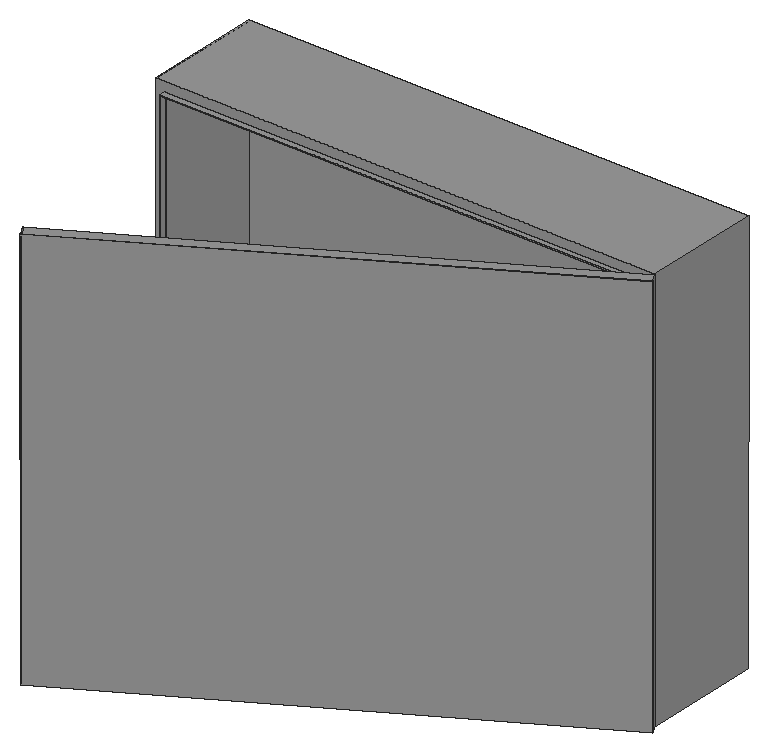
Revit family "Hager-Univers-IP44-D205-H650-Cl.II-Encl-NoHosted-AT-de", category Equipement électrique, Revit 2020
Family settings
  Configuration du panneau = Deux colonnes, circuits au sein
  Cote de connecteur circulaire = Utiliser le diamètre
  Type d'élément = Tableau de raccordement
  Basée sur le plan de construction = Oui
  Toujours verticalement = Oui
  Couper avec des vides une fois chargée = Non
  Partagée = Non
  Point de calcul de pièce = Non
Parameters (values of type "Aufputz IP44 B800 H650 T205  - FP43SN2")
  Width Control [instance] = if([EF000008 - Breite] > Min Width, [EF000008 - Breite], Min Width)  # 800 mm
  Commentaires du type = [HG000003 - Bereich]  # "Univers"
  Thickness Door [instance] = if([EF009171 - Materialstärke Tür/Deckel] > 3 mm, 3 mm, [EF009171 - Materialstärke Tür/Deckel])  # 1 mm
  Seal Frame Offset [instance] = 17 mm  # constant formula
  Plinth Visibility [instance] = [HG000027 - Sockelhöhe] > 0 mm  # no
  Min Width [instance] = 100 mm  # constant formula
  Min Depth [instance] = (2 * [EF009170 - Materialstärke Gehäuse]) + 1 mm  # 3 mm
  Min Height [instance] = 100 mm  # constant formula
  Internal Frame Depth [instance] = (Door System Depth * 0.5)  # 9 mm
  Panel Name [instance] = ""  # (empty or 0)
  Model = ""
  HG000027 - Sockelhöhe = 0 mm
  HG000026 - Stehend auf dem Boden = no
  HG000024 - Höhe des unteren Teils = 600 mm
  HG000023 - Gehäuse mit doppeltem Querschnitt = no
  HG000016 - 3D-Türsichtbarkeit [instance] = yes
  HG000015 - Sichtbarkeit der Türöffnung [instance] = no
  HG000014 - Tür rechts [instance] = yes
  HG000013 - Tür links [instance] = not([HG000014 - Tür rechts])  # no
  HG000012 - Türschwenkwinkel [instance] = 30.00°
  HG000010 - Asymmetrische Türen = no
  HG000009 - Doppelflügeligen Tür = no
  HG000006 - Unterputz = no
  HG000004 - Herstellerreferenz = "FP43SN2"
  HG000003 - Bereich = "Univers"
  HG000002 - Mit tür = yes
  Frame Offset Bottom [instance] = 10 mm  # constant formula
  Frame Offset [instance] = 15 mm  # constant formula
  EF015940 - Deckel mit Überdruckentlastung = no
  EF011959 - Schutzart (NEMA) = ""
  EF009554 - Anzahl der Öffnungen für Flanschplatten = 6
  EF009212 - Ausführung Deckel = "EV000116 - geschlossen"
  EF009171 - Materialstärke Tür/Deckel = 1 mm
  EF009170 - Materialstärke Gehäuse = 1 mm
  EF008873 - Nennstrom (In) = 250 A
  EF007800 - Geeignet für Blitzschutz = no
  EF006306 - Mit Schloss = no
  EF006244 - Transparenter Deckel/Tür = no
  EF005474 - Schutzart (IP) = "EV006418 - IP44"
  EF004464 - Art der Tür = "EV002646 - Einzel"
  EF004427 - Anzahl der Module = 144
  EF004293 - Schlagfestigkeit = "EV006815 - IK09"
  EF003532 - Geeignet für Außengebrauch = no
  EF002950 - Breite in Teilungseinheiten = 36
  EF001613 - Funktionserhalt = "EV000494 - ohne"
  EF001596 - Werkstoff des Gehäuses = "EV000179 - Stahl"
  EF001131 - Innentiefe = 143 mm
  EF001088 - Anbaumöglichkeit = yes
  EF000437 - Anzahl der Leitungseinführungen = 6
  EF000339 - Art der Abdeckung = "EV001012 - Deckel"
  EF000266 - Anzahl der Reihen = 4
  EF000218 - Einbautiefe = 205 mm
  EF000118 - Mit Montageplatte = no
  EF000116 - RAL-Nummer = "9010"
  EF000049 - Tiefe = 205 mm
  EF000040 - Höhe = 650 mm
  EF000008 - Breite = 800 mm
  EF000007 - Farbe = "EV000202 - weiß"
  EF000003 - Montageart = "EV000384 - Aufputz"
  Door System Leaf Tolerance [instance] = 1.5 mm  # constant formula
  Door System Depth [instance] = 18 mm  # constant formula
  Door Height [instance] = Height Control - [HG000027 - Sockelhöhe]  # 650 mm
  Description = ""
  Default Elevation = 1219.2 mm
  Connector Offset [instance] = Height Control / 2  # 325 mm
  Fabricant = "Hager"  # constant formula
  Height Control [instance] = if([EF000040 - Höhe] > Min Height, [EF000040 - Höhe], Min Height)  # 650 mm
  Depth Control [instance] = if([EF000049 - Tiefe] > Min Depth, [EF000049 - Tiefe], Min Depth)  # 205 mm
  Bottom Top Plate Trim [instance] = 1.5 mm  # constant formula
  Plinth height Ctrl [instance] = if([HG000027 - Sockelhöhe] > 0 mm, [HG000027 - Sockelhöhe], 12 mm)  # 12 mm
Types (5, lengths in mm): name | Width Control | HG000010 - Asymmetrische Türen | HG000009 - Doppelflügeligen Tür | HG000004 - Herstellerreferenz | EF009554 - Anzahl der Öffnungen für Flanschplatten | EF004464 - Art der Tür | EF004427 - Anzahl der Module | EF002950 - Breite in Teilungseinheiten | EF000437 - Anzahl der Leitungseinführungen | EF000008 - Breite
  Aufputz IP44 B1050 H650 T205  - FP44SN2 | 1050 | no | yes | "FP44SN2" | 8 | "EV003602 - Doppel" | 192 | 48 | 8 | 1050
  Aufputz IP44 B1300 H650 T205  - FP45SN2 | 1300 | yes | yes | "FP45SN2" | 10 | "EV003602 - Doppel" | 240 | 60 | 10 | 1300
  Aufputz IP44 B300 H650 T205  - FP41SN2 | 300 | no | no | "FP41SN2" | 2 | "EV002646 - Einzel" | 48 | 12 | 2 | 300
  Aufputz IP44 B550 H650 T205  - FP42SN2 | 550 | no | no | "FP42SN2" | 4 | "EV002646 - Einzel" | 96 | 24 | 4 | 550
  Aufputz IP44 B800 H650 T205  - FP43SN2 | 800 | no | no | "FP43SN2" | 6 | "EV002646 - Einzel" | 144 | 36 | 6 | 800
Reference planes
  plane 1 "Center (Front/Back)": y = 0
  plane 2: z = 0
  plane 3 "Center (Left/Right)": x = 0
  plane 4: y = 0
  plane 5: y = 0
  plane 6: z = 0
  plane 7: x = -400
  plane 8: x = 400
  plane 9: x = 399
  plane 10: x = -399
  plane 11: z = 0
  plane 12: z = 1
  plane 13: y = -205
  plane 14: y = -1
  plane 15: x = 0
  plane 16: y = -187
  plane 17: y = -204
  plane 18: y = -186
  plane 19: x = -384
  plane 20: x = 384
  plane 21: z = 11
  plane 22: x = -383
  plane 23: x = 383
  plane 24: z = 0
  plane 25: z = 650
  plane 26: z = 650
  plane 27: z = 634
  plane 28: z = 649
Forms (mm)
  Extrusion 1, solid, material "Hager_Steel_RAL7035_Light_Grey", detail levels medium+fine
    sketch origin (-208.679, -4572, 0) x (-1, 0, 0) y (0, -1, 0)
      loop
        line (191.321, -4385) -> (-608.679, -4385) -> (-608.679, -4572) -> (191.321, -4572) -> (191.321, -4385)
    from 0 to 650
  Extrusion 2, void
    sketch origin (-350.771, -205, 1219.2) x (1, 0, 0) y (0, 0, 1)
      loop
        line (-48.229, -570.2) -> (-48.229, -1218.2) -> (749.771, -1218.2) -> (749.771, -570.2) -> (-48.229, -570.2)
    from -19 to -204
  Extrusion 3, void
    sketch origin (-290.084, -187, 1219.2) x (1, 0, 0) y (0, 0, 1)
      loop
        line (-93.916, -1208.2) -> (674.084, -1208.2) -> (674.084, -585.2) -> (-93.916, -585.2) -> (-93.916, -1208.2)
    from 0 to -1
  Extrusion 4, solid, material "Hager_Steel_RAL7035_Light_Grey", visible <- "Plinth Visibility", detail levels medium+fine
    sketch origin (0, 0, 0) x (1, 0, 0) y (0, 1, 0)
      loop
        line (-400, 0) -> (-400, -187) -> (400, -187) -> (400, 0) -> (-400, 0)
    from 0 to 12 <- "Plinth height Ctrl"
  Extrusion 5, solid, material "Hager_Steel_RAL7035_Light_Grey", detail levels coarse
    sketch origin (0, 0, 0) x (1, 0, 0) y (0, 1, 0)
      loop
        line (-400, 0) -> (-400, -205) -> (400, -205) -> (400, 0) -> (-400, 0)
    from 0 to 650 <- "Height Control"
  Sweep 6, void
    path in 3D
      loop
        line (-400, -187, 12) -> (400, -187, 12) -> (400, 0, 12) -> (-400, 0, 12) -> (-400, -187, 12)
    profile origin (-400, -93.5, 12) x (1, 0, 0) y (0, 0, 1)
      loop
        line (0, 0) -> (0, -1.5) -> (1.5, -1.5)
        arc (1.5, -1.5) -> (1.061, -0.439) -> (0, 0) r 1.5
  Extrusion 7, solid, material "Hager_Steel_RAL7035_Light_Grey", detail levels fine
    sketch origin (-400, -187, 0) x (1, 0, 0) y (0, 0, 1)
      loop
        line (16, 11) -> (784, 11) -> (784, 634) -> (16, 634) -> (16, 11)
      loop
        line (15, 10) -> (785, 10) -> (785, 635) -> (15, 635) -> (15, 10)
    from 0 to 9 <- "Internal Frame Depth"
Cuts and joins
  Extrusion 2, Extrusion 3 cuts Extrusion 1
  Sweep 6 cuts Extrusion 4
Lines and regions (mm)
  Masking region 1
    outline origin (0, 0, 0) x (1, 0, 0) y (0, 1, 0)
      loop
        line (-400, 0) -> (-400, -205) -> (400, -205) -> (400, 0) -> (-400, 0)
  Masking region 2, detail levels coarse
    outline origin (-290.084, -187, 1219.2) x (-1, 0, 0) y (0, 0, 1)
      loop
        line (-690.084, -1219.2) -> (109.916, -1219.2) -> (109.916, -569.2) -> (-690.084, -569.2) -> (-690.084, -1219.2)
  Masking region 3, detail levels coarse
    outline origin (0, 0, 0) x (0, 1, 0) y (0, 0, 1)
      loop
        line (0, 0) -> (0, 650) -> (-205, 650) -> (-205, 0) -> (0, 0)
  Masking region 4, visible <- "Plinth Visibility", detail levels medium+fine
    outline origin (0, 0, 0) x (0, 1, 0) y (0, 0, 1)
      loop
        line (-1.5, 12) -> (-185.5, 12)
        arc (-185.5, 12) -> (-185.939, 10.939) -> (-187, 10.5) r 1.5
        line (-187, 10.5) -> (-187, 0) -> (0, 0) -> (0, 10.5)
        arc (0, 10.5) -> (-1.061, 10.939) -> (-1.5, 12) r 1.5
  Masking region 5, detail levels medium+fine
    outline origin (0, 0, 594.038) x (0, 1, 0) y (0, 0, 1)
      loop
        line (0, -594.038) -> (0, 55.962) -> (-187, 55.962) -> (-187, -594.038) -> (0, -594.038)
  Masking region 6, detail levels medium+fine
    outline origin (-359.7, -187, 1211.883) x (-1, 0, 0) y (0, 0, 1)
      loop
        line (-759.7, -1211.883) -> (40.3, -1211.883) -> (40.3, -561.883) -> (-759.7, -561.883) -> (-759.7, -1211.883)
  Masking region 7, visible <- "Plinth Visibility", detail levels medium+fine
    outline origin (-320.334, -187, 1041.368) x (-1, 0, 0) y (0, 0, 1)
      loop
        line (-720.334, -1041.368) -> (79.666, -1041.368) -> (79.666, -1030.868)
        arc (79.666, -1030.868) -> (78.606, -1030.429) -> (78.166, -1029.368) r 1.5
        line (78.166, -1029.368) -> (-718.834, -1029.368)
        arc (-718.834, -1029.368) -> (-719.273, -1030.429) -> (-720.334, -1030.868) r 1.5
        line (-720.334, -1030.868) -> (-720.334, -1041.368)
  sketch lines
    curve 1: line (-400, 0, 12) -> (-400, -187, 12)
    curve 2: line (-400, -187, 12) -> (400, -187, 12)
    curve 3: line (400, 0, 12) -> (-400, 0, 12)
    curve 4: line (400, -187, 12) -> (400, 0, 12)
Dimensions and locks
  locked: plane 1 "Center (Front/Back)" to plane 5
  "EF009170 - Materialstärke Gehäuse": plane 7 to plane 10
  "EF009170 - Materialstärke Gehäuse": plane 8 to plane 9
  equal spacing: plane 7, plane 3 "Center (Left/Right)", plane 8
  "Width Control": plane 7 to plane 8
  "Depth Control": plane 4 to plane 13
  "EF009170 - Materialstärke Gehäuse": plane 4 to plane 14
  "Height Control": plane 25 to level
  "HG000027 - Sockelhöhe": plane 11 to level
  "EF009170 - Materialstärke Gehäuse": plane 12 to plane 11
  "EF009170 - Materialstärke Gehäuse": plane 17 to plane 13
  "EF009170 - Materialstärke Gehäuse": plane 18 to plane 16
  "Frame Offset Bottom": plane 21 to plane 12
  "Frame Offset": plane 10 to plane 19
  "Frame Offset": plane 9 to plane 20
  "Door System Depth": plane 16 to plane 13
  "Seal Frame Offset": plane 7 to plane 22
  "Seal Frame Offset": plane 8 to plane 23
  "EF009170 - Materialstärke Gehäuse": plane 26 to plane 28
  "Frame Offset": plane 28 to plane 27
  "Connector Offset": plane 2 to connector elem
  "Bottom Top Plate Trim": profile plane to Sweep 6 sketch curve
  "Bottom Top Plate Trim": Sweep 6 sketch curve to Sweep 6 sketch curve
  "Plinth height Ctrl": Masking region 4 sketch curve to level
  "Plinth height Ctrl": Masking region 7 sketch curve to level
  "Thickness Door": Extrusion 7 sketch curve to Extrusion 7 sketch curve  (x4)
  "Bottom Top Plate Trim": radius of Sweep 6 sketch curve
  "Bottom Top Plate Trim": radius of Masking region 4 sketch curve  (x2)
  "Bottom Top Plate Trim": radius of Masking region 7 sketch curve  (x2)
  aligned and locked: Extrusion 2 sketch curve to plane 12
  aligned and locked: Extrusion 2 sketch curve to plane 9
  aligned and locked: Extrusion 2 sketch curve to plane 10
  aligned and locked: Extrusion 2 to plane 14
  aligned and locked: Extrusion 1 sketch curve to plane 4
  aligned and locked: plane 8 to Extrusion 1 sketch curve
  aligned and locked: plane 7 to Extrusion 1 sketch curve
  aligned and locked: Extrusion 2 to plane 18
  aligned and locked: Extrusion 3 sketch curve to plane 19
  aligned and locked: plane 20 to Extrusion 3 sketch curve
  aligned and locked: Extrusion 3 to Extrusion 2
  aligned and locked: Extrusion 3 sketch curve to plane 21
  aligned and locked: plane 3 "Center (Left/Right)" to nested 1
  aligned and locked: Extrusion 1 sketch curve to plane 16
  aligned and locked: Extrusion 4 sketch curve to cut or joined group of Extrusion 1, Extrusion 2, Extrusion 3
  aligned and locked: Masking region 1 sketch curve to plane 7
  aligned and locked: Masking region 1 sketch curve to plane 5
  aligned and locked: Masking region 1 sketch curve to plane 8
  aligned and locked: Masking region 2 sketch curve to level
  aligned and locked: level to Masking region 3 sketch curve
  aligned and locked: plane 1 "Center (Front/Back)" to Masking region 3 sketch curve
  aligned and locked: plane 13 to Masking region 3 sketch curve
  aligned and locked: plane 5 to Masking region 4 sketch curve
  aligned and locked: Masking region 2 sketch curve to plane 8
  aligned and locked: Masking region 2 sketch curve to plane 7
  aligned and locked: plane 7 to nested 2
  aligned and locked: nested 2 to plane 5
  aligned and locked: plane 5 to Masking region 5 sketch curve
  aligned and locked: plane 26 to Masking region 5 sketch curve
  aligned and locked: Extrusion 5 sketch curve to plane 8
  aligned and locked: Extrusion 5 sketch curve to plane 7
  aligned and locked: Extrusion 5 sketch curve to plane 5
  aligned and locked: Extrusion 3 sketch curve to plane 27
  aligned and locked: Extrusion 2 sketch curve to plane 28
  aligned and locked: Masking region 2 to plane 25
  aligned and locked: Extrusion 4 to plane 16
  aligned and locked: profile plane to Sweep 6 sketch curve
  aligned and locked: Masking region 5 sketch curve to plane 24
  aligned and locked: level to Masking region 4 sketch curve
  aligned and locked: Masking region 1 to plane 13
  aligned and locked: nested 1 to plane 16
  aligned and locked: Masking region 3 to plane 25
  aligned and locked: plane 16 to Masking region 4 sketch curve
  aligned and locked: Masking region 5 sketch curve to plane 16
  aligned and locked: plane 24 to plane 11
  aligned and locked: plane 26 to plane 25
  aligned and locked: plane 26 to cut or joined group of Extrusion 1, Extrusion 2, Extrusion 3
  aligned and locked: nested 1 to plane 24
  aligned and locked: Extrusion 1 to Extrusion 3
  aligned and locked: Masking region 6 sketch curve to plane 8
  aligned and locked: Masking region 6 sketch curve to plane 24
  aligned and locked: Masking region 6 sketch curve to plane 7
  aligned and locked: Masking region 6 sketch curve to plane 26
  aligned and locked: Masking region 7 sketch curve to plane 7
  aligned and locked: level to Masking region 7 sketch curve
  aligned and locked: Masking region 7 sketch curve to plane 8
  aligned and locked: Extrusion 7 sketch curve to cut or joined group of Extrusion 1, Extrusion 2, Extrusion 3  (x4)
Automatic sketch dimensions
  plane 19 to Extrusion 3 sketch curve = 0 mm
  Extrusion 3 sketch curve to plane 20 = 0 mm
  Extrusion 3 sketch curve to plane 21 = 0 mm
  Extrusion 4 sketch curve to plane 7 = 0 mm
  Extrusion 4 sketch curve to plane 8 = 0 mm
  Extrusion 4 sketch curve to plane 16 = 0 mm
  Masking region 1 sketch curve to plane 13 = 0 mm
  Masking region 2 sketch curve to plane 25 = 0 mm
  Masking region 3 sketch curve to plane 25 = 0 mm
  Extrusion 5 sketch curve to plane 13 = 0 mm
  profile plane to Sweep 6 sketch curve = 0 mm
Nested families
  nested 1: "EC000058_Univers_Door" at (0, -187, 0), Double <- "HG000009 - Doppelflügeligen Tür", Transparent <- "EF006244 - Transparenter Deckel/Tür", Angle <- "HG000012 - Türschwenkwinkel", Door_Right <- "HG000014 - Tür rechts", Assymetrical <- "HG000010 - Asymmetrische Türen", Door <- "HG000002 - Mit tür", Width_Ctrl <- "Width Control", 3d_Door <- "HG000016 - 3D-Türsichtbarkeit", Clearance <- "HG000015 - Sichtbarkeit der Türöffnung", Door_Left <- "HG000013 - Tür links", Width <- "Width Control", Door_Depth <- "Door System Depth", Leaf_Tolerance <- "Door System Leaf Tolerance", Height <- "Door Height", Lock_Visibility <- "EF006306 - Mit Schloss", Thickness <- "Thickness Door", type "EC000058_Univers_Door", detail levels medium+fine
    with min_wh 3 mm, Width_Ctrl 800 mm, Width 800 mm, Transparent no, Thickness 1 mm, Seal_Material Hager_Rubber, Lock_Visibility no, Lock_Material Hager_Plastic_RAL9005_Jet_Black, Leaf_Width 800 mm, Leaf_Tolerance_External_Sides 0 mm, Leaf_Tolerance 1.5 mm, Leaf_Offset 0 mm, Leaf_Height 647 mm, Leaf_2_Width 800 mm, Leaf_2_Offset 400 mm, Leaf_1_Width 800 mm, Leaf_1_Offset 400 mm, Height_Ctrl 650 mm, Height 650 mm, Glass_Material Hager_Glass, Double_Clearance_Ctrl no, Double no, Door_Right_Ctrl yes, Door_Right yes, Door_Material Hager_Steel_RAL7035_Light_Grey, Door_Left_Ctrl no, Door_Left no, Door_Depth 18 mm, Door yes, Clearance_Material Hager_Clearance, Clearance_Depth 800 mm, Clearance_Ctrl no, Clearance no, Assymetrical no, Angle 30.00°, 3d_Door yes
  nested 2: "Hager_Enclosure_Symbol" at (-400, 0, 0), Height <- "Depth Control", Width <- "Width Control", type "Hager_Enclosure_Symbol"
    with Width_Ctrl 800 mm, Width 800 mm, Height_Ctrl 205 mm, Height 205 mm, A_Width_Int 13.453 mm, A_Width 161.438 mm, A_Height_Ctrl 179.375 mm, A_Height 179.375 mm
Connectors
  electrical at (0, 0, 325)
    settings: on plane 1 "Center (Front/Back)", index 1, voltage 0 V, apparent load 0 VA, apparent load phase1 0 VA, apparent load phase2 0 VA, apparent load phase3 0 VA, power factor 1, load classification "Other", number of poles 1, system type 30, power factor state 1, is connector primary yes, connector utility no, sub classification motor no, connector description ""
Definition of nested family "EC000058_Univers_Door"
  Parameters (values of type "EC000058_Univers_Door")
    min_wh [instance] = (2 * Thickness) + 1 mm  # 11 mm
    Width_Ctrl [instance] = 400 mm
    Width [instance] = 500 mm
    Transparent [instance] = yes
    Thickness [instance] = 5 mm
    Seal_Material [instance] = none
    Lock_Visibility [instance] = yes
    Lock_Material [instance] = none
    Leaf_Width [instance] = if((Width_Ctrl - 2 * Leaf_Tolerance_External_Sides) > 0 mm, (Width_Ctrl - 2 * Leaf_Tolerance_External_Sides), min_wh)  # 400 mm
    Leaf_Tolerance_External_Sides [instance] = 0 mm  # constant formula
    Leaf_Tolerance [instance] = 1.5 mm
    Leaf_Offset [instance] = 0 mm  # constant formula
    Leaf_Height [instance] = if((Height_Ctrl - 2 * Leaf_Tolerance) > 0 mm, (Height_Ctrl - 2 * Leaf_Tolerance), min_wh)  # 497 mm
    Leaf_2_Width [instance] = if(and(and(Double, Assymetrical), Door_Left), (Leaf_Width / 3) - (Leaf_Tolerance / 2), if(and(and(Double, Assymetrical), Door_Right), (Leaf_Width / 3) * 2 - (Leaf_Tolerance / 2), if(and(Double, not(Assymetrical)), (Leaf_Width / 2) - Leaf_Tolerance, Leaf_Width)))  # 400 mm
    Leaf_2_Offset [instance] = if(and(Double, Assymetrical), Leaf_2_Width / 2, if(and(Double, not(Assymetrical)), Leaf_Width / 4, Leaf_Width / 2))  # 200 mm
    Leaf_1_Width [instance] = if(and(and(Double, Assymetrical), Door_Right), (Leaf_Width / 3) - (Leaf_Tolerance / 2), if(and(and(Double, Assymetrical), Door_Left), (Width / 3) * 2 - (Leaf_Tolerance / 2), if(and(Double, not(Assymetrical)), (Leaf_Width / 2) - Leaf_Tolerance, Leaf_Width)))  # 400 mm
    Leaf_1_Offset [instance] = if(and(Double, Assymetrical), Leaf_1_Width / 2, if(and(Double, not(Assymetrical)), Leaf_Width / 4, Leaf_Width / 2))  # 200 mm
    Height_Ctrl [instance] = if(Height > min_wh, Height, min_wh)  # 500 mm
    Height [instance] = 500 mm
    Glass_Material [instance] = none
    Double_Clearance_Ctrl [instance] = and(Double, Clearance)  # no
    Double [instance] = no
    Door_Right_Ctrl [instance] = and(or(Door_Right, Double), Door)  # yes
    Door_Right [instance] = yes
    Door_Material [instance] = none
    Door_Left_Ctrl [instance] = and(or(Door_Left, Double), Door)  # no
    Door_Left [instance] = no
    Door_Depth [instance] = 30 mm
    Door [instance] = yes
    Default Elevation = 1219.2 mm
    Clearance_Material [instance] = none
    Clearance_Depth [instance] = if(Leaf_1_Width > Leaf_2_Width, Leaf_1_Width, Leaf_2_Width)  # 400 mm
    Clearance_Ctrl [instance] = and(not(Double), Clearance)  # yes
    Clearance [instance] = yes
    Assymetrical [instance] = yes
    Angle [instance] = 30.00°
    3d_Door [instance] = yes
  Reference planes
    plane 1 "Center (Front/Back)": y = 0
    plane 2 "Bottom": z = 0
    plane 3 "Center (Left/Right)": x = 0
    plane 4: z = 500
    plane 5: x = -200
    plane 6: x = 200
    plane 7: z = 500
    plane 8: x = -200
    plane 9: z = 0
    plane 10: x = 200
    plane 11: y = 0
    plane 12: z = 1.5
    plane 13: x = -600
    plane 14: y = -400
    plane 15: x = 600
    plane 16: x = 0
    plane 17: x = 0
    plane 18: x = -200
    plane 19: x = 200
    plane 20: z = 498.5
  Forms (mm)
    Extrusion 1, solid, material <- "Clearance_Material", visible <- "Double_Clearance_Ctrl"
      sketch origin (1200, 0, 0) x (1, 0, 0) y (0, 0, -1)
        loop
          line (-1800, -498.5) -> (-600, -498.5) -> (-600, 0) -> (-1800, 0) -> (-1800, -498.5)
      from 0 to -400
  Dimensions and locks
    equal spacing: plane 5, plane 3 "Center (Left/Right)", plane 6
    "Width_Ctrl": plane 5 to plane 6
    "Leaf_Offset": plane 5 to plane 8
    "Leaf_Offset": plane 6 to plane 10
    "Leaf_Offset": plane 9 to level
    "Leaf_Offset": plane 4 to plane 7
    "Height_Ctrl": plane 4 to level
    "Leaf_Tolerance": plane 12 to plane 9
    locked: plane 11 to plane 1 "Center (Front/Back)"
    "Leaf_1_Offset": plane 18 to plane 16
    "Leaf_2_Offset": plane 17 to plane 19
    "Leaf_1_Width": plane 13 to plane 8
    "Leaf_2_Width": plane 10 to plane 15
    "Clearance_Depth": plane 14 to plane 1 "Center (Front/Back)"
    "Leaf_Tolerance_External_Sides": plane 8 to plane 18
    "Leaf_Tolerance_External_Sides": plane 19 to plane 10
    "Leaf_Tolerance": plane 7 to plane 20
    aligned and locked: level to plane 2 "Bottom"
    aligned and locked: nested 1 to plane 16
    aligned and locked: nested 2 to plane 17
    aligned and locked: Extrusion 1 to plane 13
    aligned and locked: plane 15 to Extrusion 1
    aligned and locked: Extrusion 1 to plane 14
    aligned and locked: plane 12 to nested 1
    aligned and locked: nested 2 to plane 12
    aligned and locked: Extrusion 1 to plane 11
    aligned and locked: plane 20 to Extrusion 1
    aligned and locked: nested 2 to plane 11
    aligned and locked: nested 1 to plane 11
  Automatic sketch dimensions
    Extrusion 1 sketch curve to level = 0 mm
    plane 5 to Extrusion 1 sketch curve = 400 mm
    plane 6 to Extrusion 1 sketch curve = 400 mm
    Extrusion 1 sketch curve to plane 4 = 1.5 mm
  Nested families
    nested 1: "EC000058_Univers_Door_Leaf" at (0, 0, 1.5), Width <- "Leaf_1_Width", visible <- "Door_Left_Ctrl", Leaf_Height <- "Leaf_Height", Angle <- "Angle", 3d_Door <- "3d_Door", Transparent <- "Transparent", Clearance Material <- "Clearance_Material", Clearance <- "Clearance_Ctrl", Door_Material <- "Door_Material", Glass_Material <- "Glass_Material", Door_Depth <- "Door_Depth", Lock_Material <- "Lock_Material", Seal_Material <- "Seal_Material", Lock_Visibility <- "Lock_Visibility", Thickness <- "Thickness", type "EC000058_Univers_Door_Leaf"
      with Width 400 mm, Transparent_Glass_Offset 30 mm, Transparent_Ctrl yes, Transparent yes, Thickness 5 mm, Standard no, Seal_Material none, Seal_D2 8 mm, Seal_D1 1 mm, Offset_Internal_Frame 10 mm, Lock_Width 20 mm, Lock_Visibility_3d yes, Lock_Visibility yes, Lock_Thickness_3 3 mm, Lock_Thickness_2 1 mm, Lock_Thickness_1 3 mm, Lock_Radius_Offset_2 16 mm, Lock_Radius_Offset_1 15 mm, Lock_Radius_2 5 mm, Lock_Radius 6 mm, Lock_Offset 5 mm, Lock_Material none, Lock_Height 80 mm, Lock_Cover_Top_Offset_2d 17 mm, Lock_Cover_Height -65 mm, Leaf_Height 497 mm, Internal_Seal_Thickness 8 mm, Internal_Seal_Depth_2 4.5 mm, Internal_Frame_Depth 25 mm, Glass_Thickness -1 mm, Glass_Offset -2 mm, Glass_Material none, Door_Material none, Door_Depth 30 mm, Clearance Material none, Clearance yes, Angle_Ctrl 30.00°, Angle 30.00°, 3d_Door yes
    nested 2: "EC000058_Univers_Door_Leaf" at (0, 0, 1.5) x (-1, 0, 0) z (0, 0, 1), Width <- "Leaf_2_Width", visible <- "Door_Right_Ctrl", Leaf_Height <- "Leaf_Height", Angle <- "Angle", 3d_Door <- "3d_Door", Transparent <- "Transparent", Clearance Material <- "Clearance_Material", Clearance <- "Clearance_Ctrl", Door_Material <- "Door_Material", Glass_Material <- "Glass_Material", Door_Depth <- "Door_Depth", Lock_Material <- "Lock_Material", Seal_Material <- "Seal_Material", Lock_Visibility <- "Lock_Visibility", Thickness <- "Thickness", type "EC000058_Univers_Door_Leaf"
      with Width 400 mm, Transparent_Glass_Offset 30 mm, Transparent_Ctrl yes, Transparent yes, Thickness 5 mm, Standard no, Seal_Material none, Seal_D2 8 mm, Seal_D1 1 mm, Offset_Internal_Frame 10 mm, Lock_Width 20 mm, Lock_Visibility_3d yes, Lock_Visibility yes, Lock_Thickness_3 3 mm, Lock_Thickness_2 1 mm, Lock_Thickness_1 3 mm, Lock_Radius_Offset_2 16 mm, Lock_Radius_Offset_1 15 mm, Lock_Radius_2 5 mm, Lock_Radius 6 mm, Lock_Offset 5 mm, Lock_Material none, Lock_Height 80 mm, Lock_Cover_Top_Offset_2d 17 mm, Lock_Cover_Height -65 mm, Leaf_Height 497 mm, Internal_Seal_Thickness 8 mm, Internal_Seal_Depth_2 4.5 mm, Internal_Frame_Depth 25 mm, Glass_Thickness -1 mm, Glass_Offset -2 mm, Glass_Material none, Door_Material none, Door_Depth 30 mm, Clearance Material none, Clearance yes, Angle_Ctrl 30.00°, Angle 30.00°, 3d_Door yes
  Definition of nested family "EC000058_Univers_Door_Leaf"
    Parameters (values of type "EC000058_Univers_Door_Leaf")
      Width [instance] = 2000 mm
      Transparent_Glass_Offset [instance] = 30 mm
      Transparent_Ctrl [instance] = and(Transparent, [3d_Door])  # yes
      Transparent [instance] = yes
      Thickness [instance] = 5 mm
      Standard [instance] = and(not(Transparent), [3d_Door])  # no
      Seal_Material [instance] = none
      Seal_D2 [instance] = 8 mm  # constant formula
      Seal_D1 [instance] = 1 mm  # constant formula
      Offset_Internal_Frame [instance] = 10 mm  # constant formula
      Lock_Width [instance] = 20 mm  # constant formula
      Lock_Visibility_3d [instance] = and(Lock_Visibility, [3d_Door])  # yes
      Lock_Visibility [instance] = yes
      Lock_Thickness_3 [instance] = 3 mm  # constant formula
      Lock_Thickness_2 [instance] = 1 mm  # constant formula
      Lock_Thickness_1 [instance] = 3 mm  # constant formula
      Lock_Radius_Offset_2 [instance] = Lock_Radius_Offset_1 + 1 mm  # 16 mm
      Lock_Radius_Offset_1 [instance] = 15 mm  # constant formula
      Lock_Radius_2 [instance] = Lock_Radius - 1 mm  # 5 mm
      Lock_Radius [instance] = 6 mm  # constant formula
      Lock_Offset [instance] = 5 mm  # constant formula
      Lock_Material [instance] = none
      Lock_Height [instance] = 80 mm  # constant formula
      Lock_Cover_Top_Offset_2d [instance] = Lock_Radius_Offset_2 + 1 mm  # 17 mm
      Lock_Cover_Height [instance] = -(Lock_Height - Lock_Radius_Offset_1)  # -65 mm
      Leaf_Height [instance] = 2720.336 mm
      Internal_Seal_Thickness [instance] = 8 mm  # constant formula
      Internal_Seal_Depth_2 [instance] = 4.5 mm  # constant formula
      Internal_Frame_Depth [instance] = if(Door_Depth - Thickness > 5 mm, Door_Depth - Thickness, 5 mm)  # 25 mm
      Glass_Thickness [instance] = if(Thickness > 15 mm, Glass_Offset + 10 mm, -1 mm)  # -1 mm
      Glass_Offset [instance] = if(Thickness > 15 mm, -(Thickness + 10 mm) / 2, -2 mm)  # -2 mm
      Glass_Material [instance] = none
      Door_Material [instance] = none
      Door_Depth [instance] = 30 mm
      Default Elevation = 0 mm
      Clearance Material [instance] = none
      Clearance [instance] = yes
      Angle_Ctrl [instance] = if(Angle > 180.00°, 180.00°, Angle)  # 90.00°
      Angle [instance] = 90.00°
      3d_Door [instance] = yes
    Reference planes
      plane 1 "Center (Front/Back)": y = 0
      plane 2: z = 0
      plane 3 "Center (Left/Right)": x = 0
      plane 4: y = 2000
      plane 5: x = -1000
      plane 6: x = 1000
      plane 7: x = -3000
      plane 8: z = 2720.336
      plane 9: z = 30
      plane 10: z = 2690.336
      plane 11: x = 970
      plane 12: x = -970
      plane 13: y = -3
      plane 14: z = 107.833
      plane 15: y = -5
      plane 16: y = -223.314
      plane 17: x = -1000
      plane 18: z = 1360.168
      plane 19: y = 30
    Forms (mm)
      Extrusion 1, solid, material <- "Clearance Material", visible <- "Clearance"
        sketch origin (0, 0, 0) x (1, 0, 0) y (0, 0, 1)
          loop
            line (-3000, 2720.336) -> (-3000, 0) -> (1000, 0) -> (1000, 2720.336) -> (-3000, 2720.336)
        from 0 to -2000
      Extrusion 2, solid, material <- "Door_Material", visible <- "Standard", detail levels medium+fine
        sketch origin (-1000, 0, 0) x (0, 1, 0) y (-1, 0, 0)
          loop
            line (0, 30) -> (0, 25) -> (2000, 25) -> (2000, 30) -> (0, 30)
        from 0 to 2720.336 <- "Leaf_Height"
      Extrusion 3, solid, material <- "Door_Material", visible <- "Transparent_Ctrl", detail levels medium+fine
        sketch origin (-1000, 0, 0) x (0, 1, 0) y (-1, 0, 0)
          loop
            line (0, 25) -> (2000, 25) -> (2000, 30) -> (0, 30) -> (0, 25)
        from 0 to 2720.336 <- "Leaf_Height"
      Extrusion 4, void
        sketch origin (-1025, 2000, 0) x (0, 1, 0) y (0, 0, -1)
          loop
            line (-30, -2690.336) -> (-30, -30) -> (-1970, -30) -> (-1970, -2690.336) -> (-30, -2690.336)
        from 0 to 5 <- "Thickness"
      Sweep 5, solid, material <- "Seal_Material", visible <- "Transparent_Ctrl", detail levels fine
        path in 3D
          loop
            line (-1025, 30, 30) -> (-1025, 30, 2690.336) -> (-1025, 1970, 2690.336) -> (-1025, 1970, 30) -> (-1025, 30, 30)
        profile origin (-1025, 1000, 30) x (1, 0, 0) y (0, 0, 1)
          loop
            line (0, 0) -> (0, -8) -> (1, -8) -> (1, 0) -> (0, 0)
      Extrusion 6, solid, material <- "Glass_Material", visible <- "Transparent_Ctrl", detail levels medium+fine
        sketch origin (-1030, 0, 0) x (0, 1, 0) y (0, 0, -1)
          loop
            line (1970, -2690.336) -> (1970, -30) -> (30, -30) -> (30, -2690.336) -> (1970, -2690.336)
        from -2 <- "Glass_Offset" to -1 <- "Glass_Thickness"
      Extrusion 7, solid, material <- "Door_Material", visible <- "3d_Door", detail levels medium+fine
        sketch origin (-1025, 2000, 0) x (0, -1, 0) y (0, 0, -1)
          loop
            line (0, -2720.336) -> (2000, -2720.336) -> (2000, 0) -> (0, 0) -> (0, -2720.336)
          loop
            line (1995, -5) -> (5, -5) -> (5, -2715.336) -> (1995, -2715.336) -> (1995, -5)
        from 0 to 25 <- "Internal_Frame_Depth"
      Sweep 8, solid, material <- "Seal_Material", visible <- "Transparent_Ctrl", detail levels fine
        path in 3D
          loop
            line (-1025, 0, 0) -> (-1025, 2000, 0) -> (-1025, 2000, 2720.336) -> (-1025, 0, 2720.336) -> (-1025, 0, 0)
        profile origin (-1025, 0, 1360.168) x (1, 0, 0) y (0, 1, 0)
          loop
            line (0, 10) -> (2.975, 10)
            arc (2.975, 10) -> (4.053, 10.447) -> (4.5, 11.525) r 1.525
            line (4.5, 11.525) -> (4.5, 16.527)
            arc (4.5, 16.527) -> (4.069, 17.569) -> (3.027, 18) r 1.473
            line (3.027, 18) -> (0, 18) -> (0, 10)
      Extrusion 9, solid, material <- "Lock_Material", visible <- "Lock_Visibility_3d", detail levels fine
        sketch origin (-1030, 0, 0) x (0, 1, 0) y (0, 0, -1)
          loop
            arc (1993.5, -1400.168) -> (1994.561, -1399.729) -> (1995, -1398.668) r 1.5
            line (1995, -1398.668) -> (1995, -1320.168) -> (1975, -1320.168) -> (1975, -1398.668)
            arc (1975, -1398.668) -> (1975.439, -1399.729) -> (1976.5, -1400.168) r 1.5
            line (1976.5, -1400.168) -> (1993.5, -1400.168)
        from 3 <- "Lock_Thickness_1" to 0
      Blend 10, solid, material <- "Lock_Material", visible <- "Lock_Visibility_3d", detail levels fine
        base sketch origin (-1033, 0, 0) x (0, 1, 0) y (0, 0, -1)
          loop
            line (1975, -1320.168) -> (1975, -1398.668)
            arc (1975, -1398.668) -> (1975.439, -1399.729) -> (1976.5, -1400.168) r 1.5
            line (1976.5, -1400.168) -> (1993.5, -1400.168)
            arc (1993.5, -1400.168) -> (1994.561, -1399.729) -> (1995, -1398.668) r 1.5
            line (1995, -1398.668) -> (1995, -1320.168) -> (1975, -1320.168)
        top sketch origin (-1033, 0, 0) x (0, 1, 0) y (0, 0, -1)
          loop
            line (1976, -1320.168) -> (1976, -1398.668)
            arc (1976, -1398.668) -> (1976.146, -1399.022) -> (1976.5, -1399.168) r 0.5
            line (1976.5, -1399.168) -> (1993.5, -1399.168)
            arc (1993.5, -1399.168) -> (1993.854, -1399.022) -> (1994, -1398.668) r 0.5
            line (1994, -1398.668) -> (1994, -1320.168) -> (1976, -1320.168)
        from 0 to 1 <- "Lock_Thickness_2"
      Blend 11, solid, material <- "Lock_Material", visible <- "Lock_Visibility_3d", detail levels fine
        base sketch origin (-1034, 0, 0) x (0, 1, 0) y (0, 0, -1)
          loop
            line (1978, -1320.168) -> (1978, -1384.168)
            arc (1978, -1384.168) -> (1985, -1391.168) -> (1992, -1384.168) r 7
            line (1992, -1384.168) -> (1992, -1320.168) -> (1978, -1320.168)
        top sketch origin (-1034, 0, 0) x (0, 1, 0) y (0, 0, -1)
          loop
            line (1991, -1320.168) -> (1979, -1320.168) -> (1979, -1383.168)
            arc (1979, -1383.168) -> (1985, -1389.168) -> (1991, -1383.168) r 6
            line (1991, -1383.168) -> (1991, -1320.168)
        from 0 to 3 <- "Lock_Thickness_3"
      Extrusion 12, solid, material <- "Lock_Material", visible <- "Lock_Visibility_3d", detail levels fine
        sketch origin (-1030, 1975, 1320.168) x (1, 0, 0) y (0, -1, 0)
          loop
            line (-7, -19) -> (-7, -1) -> (0, -1) -> (0, 0) -> (-8, 0) -> (-8, -20) -> (0, -20) -> (0, -19) -> (-7, -19)
        from 0 to -65 <- "Lock_Cover_Height"
      Extrusion 13, void
        sketch origin (-1038, 1995, 1320.168) x (-1, 0, 0) y (0, 0, -1)
          loop
            line (-5, -65) -> (0, -65) -> (-5, -60) -> (-5, -65)
        from 0 to 20 <- "Lock_Width"
      Extrusion 14, void
        sketch origin (-1038, 1975, 1320.168) x (0, -1, 0) y (0, 0, -1)
          loop
            circle (-10, -15.995) r 6
          loop
            circle (-10, -15.995) r 5
        from 0 to 2
      Extrusion 15, solid, material <- "Lock_Material", visible <- "Lock_Visibility_3d", detail levels medium
        sketch origin (-1030, 0, 0) x (0, 1, 0) y (0, 0, -1)
          loop
            arc (1993.5, -1400.168) -> (1994.561, -1399.729) -> (1995, -1398.668) r 1.5
            line (1995, -1398.668) -> (1995, -1320.168) -> (1975, -1320.168) -> (1975, -1398.668)
            arc (1975, -1398.668) -> (1975.439, -1399.729) -> (1976.5, -1400.168) r 1.5
            line (1976.5, -1400.168) -> (1993.5, -1400.168)
        from 8 to 0
    Cuts and joins
      Extrusion 4 cuts Extrusion 3
      Extrusion 13, Extrusion 14 cuts Extrusion 9
      Extrusion 14 cuts Blend 11
      Extrusion 13, Extrusion 14 cuts Extrusion 12
      joined: Extrusion 9, Blend 10, Blend 11, Extrusion 12
      Extrusion 14 cuts Extrusion 15
    Lines and regions (mm)
      Masking region 1, visible <- "Lock_Visibility", detail levels fine
        outline origin (0, 0, 0) x (0, 1, 0) y (0, 0, 1)
          loop
            line (30, 1320.168) -> (33, 1320.168) -> (33, 1400.168) -> (30, 1400.168) -> (30, 1320.168)
      Masking region 2, visible <- "Lock_Visibility", detail levels fine
        outline origin (0, 3.143, 0) x (0, 1, 0) y (0, 0, 1)
          loop
            line (29.857, 1354.168) -> (30.857, 1354.168) -> (30.857, 1366.168) -> (29.857, 1366.168) -> (29.857, 1354.168)
      Masking region 3, detail levels medium+fine
        outline origin (0, 0, 0) x (0, 1, 0) y (0, 0, 1)
          loop
            line (0, 0) -> (30, 0) -> (30, 2720.336) -> (0, 2720.336) -> (0, 0)
      Masking region 4, detail levels medium+fine
        outline origin (0, 0, 0) x (1, 0, 0) y (0, 0, 1)
          loop
            line (-1000, 2720.336) -> (-1000, 0) -> (1000, 0) -> (1000, 2720.336) -> (-1000, 2720.336)
      Masking region 5, visible <- "Lock_Visibility", detail levels fine
        outline origin (-47.116, 0, 0) x (1, 0, 0) y (0, 0, 1)
          loop
            arc (1024.616, 1399.168) -> (1023.556, 1398.729) -> (1023.116, 1397.668) r 1.5
            line (1023.116, 1397.668) -> (1023.116, 1320.168) -> (1041.116, 1320.168) -> (1041.116, 1397.668)
            arc (1041.116, 1397.668) -> (1040.677, 1398.729) -> (1039.616, 1399.168) r 1.5
            line (1039.616, 1399.168) -> (1024.616, 1399.168)
      Masking region 6, visible <- "Lock_Visibility", detail levels medium+fine
        outline origin (-25, 0, 0) x (1, 0, 0) y (0, 0, 1)
          loop
            arc (1001.5, 1400.168) -> (1000.439, 1399.729) -> (1000, 1398.668) r 1.5
            line (1000, 1398.668) -> (1000, 1320.168) -> (1020, 1320.168) -> (1020, 1398.668)
            arc (1020, 1398.668) -> (1019.561, 1399.729) -> (1018.5, 1400.168) r 1.5
            line (1018.5, 1400.168) -> (1001.5, 1400.168)
      Masking region 7, visible <- "Lock_Visibility", detail levels fine
        outline origin (-73.735, 0, 0) x (1, 0, 0) y (0, 0, 1)
          loop
            line (1051.735, 1382.168) -> (1065.735, 1382.168) -> (1065.735, 1384.168)
            arc (1065.735, 1384.168) -> (1058.735, 1391.168) -> (1051.735, 1384.168) r 7
            line (1051.735, 1384.168) -> (1051.735, 1382.168)
      Masking region 8, visible <- "Lock_Visibility", detail levels fine
        outline origin (-73.735, 0, 0) x (1, 0, 0) y (0, 0, 1)
          loop
            line (1052.735, 1382.168) -> (1064.735, 1382.168) -> (1064.735, 1383.168)
            arc (1064.735, 1383.168) -> (1058.735, 1389.168) -> (1052.735, 1383.168) r 6
            line (1052.735, 1383.168) -> (1052.735, 1382.168)
      Masking region 9, visible <- "Lock_Visibility", detail levels fine
        outline origin (-25, 0, 0) x (1, 0, 0) y (0, 0, 1)
          loop
            line (1020, 1320.168) -> (1020, 1382.168) -> (1000, 1382.168) -> (1000, 1320.168) -> (1020, 1320.168)
      Masking region 10, detail levels medium+fine
        outline origin (0, 0, 0) x (1, 0, 0) y (0, 0, 1)
          loop
            circle (985, 1335.144) r 6
      Masking region 11, detail levels fine
        outline origin (0, 0, 0) x (1, 0, 0) y (0, 0, 1)
          loop
            circle (985, 1335.144) r 5
      Masking region 12, visible <- "Lock_Visibility", detail levels fine
        outline origin (0, 12.767, 0) x (0, 1, 0) y (0, 0, 1)
          loop
            line (20.233, 1320.168) -> (21.233, 1320.168) -> (21.233, 1399.168) -> (20.233, 1400.168) -> (20.233, 1320.168)
      Masking region 13, visible <- "Lock_Visibility", detail levels fine
        outline origin (0, 13.767, -10) x (0, 1, 0) y (0, 0, 1)
          loop
            line (20.233, 1330.168) -> (23.233, 1330.168) -> (23.233, 1399.168) -> (20.233, 1402.168) -> (20.233, 1330.168)
      Masking region 14, visible <- "Lock_Visibility", detail levels fine
        outline origin (0, 12.767, -10) x (0, 1, 0) y (0, 0, 1)
          loop
            line (20.233, 1330.168) -> (25.233, 1330.168) -> (25.233, 1399.305) -> (20.233, 1394.305) -> (20.233, 1330.168)
      Masking region 15, visible <- "Lock_Visibility", detail levels medium
        outline origin (0, 0, 0) x (0, 1, 0) y (0, 0, 1)
          loop
            line (30, 1320.168) -> (38, 1320.168) -> (38, 1400.168) -> (30, 1400.168) -> (30, 1320.168)
      Masking region 16, visible <- "Lock_Visibility", detail levels fine
        outline origin (-1000, 0, 0) x (0, 1, 0) y (-1, 0, 0)
          loop
            line (1975, 30) -> (1995, 30) -> (1995, 38) -> (1975, 38) -> (1975, 30)
          loop
            line (1979, 37) -> (1976, 37) -> (1976, 34) -> (1978, 34) -> (1979, 37)
          loop
            line (1994, 37) -> (1991, 37) -> (1992, 34) -> (1994, 34) -> (1994, 37)
      Masking region 17, visible <- "Lock_Visibility", detail levels medium
        outline origin (-1000, 0, 0) x (0, 1, 0) y (-1, 0, 0)
          loop
            line (1975, 30) -> (1995, 30) -> (1995, 38) -> (1975, 38) -> (1975, 30)
      symbolic lines
        curve 1: line (1000, 0, 0) -> (-3000, 0, 0)
        curve 2: arc (1000, 0, 0) -> (-1000, 2000, 0) -> (-3000, 0, 0) r 2000
        curve 4: line (-1030, 0, 0) -> (-1030, 2000, 0)
      reference lines
        curve 3: line (-1000, 0, 0) -> (-1000, 2000, 0)
      symbolic lines, detail levels medium+fine
        curve 5: line (-1030, 2000, 0) -> (-1025, 2000, 0)
        curve 7: line (-1025, 0, 0) -> (-1030, 0, 0)
        curve 8: line (-1025, 0, 0) -> (-1000, 0, 0)
        curve 9: line (-1000, 0, 0) -> (-1000, 2000, 0)
        curve 10: line (-1000, 2000, 0) -> (-1025, 2000, 0)
      symbolic lines, detail levels fine
        curve 6: line (-1025, 2000, 0) -> (-1025, 0, 0)
      sketch lines
        curve 11: line (-1025, 0, 2720.336) -> (-1025, 0, 0)
        curve 12: line (-1025, 2000, 0) -> (-1025, 0, 0)
        curve 13: line (-1025, 2000, 2720.336) -> (-1025, 2000, 0)
        curve 14: line (-1025, 0, 2720.336) -> (-1025, 2000, 2720.336)
        curve 15: line (-1025, 1970, 30) -> (-1025, 30, 30)
        curve 16: line (-1025, 30, 30) -> (-1025, 30, 2690.336)
        curve 17: line (-1025, 1970, 2690.336) -> (-1025, 1970, 30)
        curve 18: line (-1025, 30, 2690.336) -> (-1025, 1970, 2690.336)
      symbolic lines, visible <- "Transparent", detail levels medium+fine
        curve 19: line (-970, 0, 2690.336) -> (970, 0, 2690.336)
        curve 20: line (-970, 0, 30) -> (-970, 0, 2690.336)
        curve 21: line (970, 0, 30) -> (-970, 0, 30)
        curve 22: line (970, 0, 2690.336) -> (970, 0, 30)
    Dimensions and locks
      "Width": plane 1 "Center (Front/Back)" to plane 4
      equal spacing: plane 5, plane 3 "Center (Left/Right)", plane 6
      "Width": plane 5 to plane 6
      "Width": plane 7 to plane 5
      "Leaf_Height": plane 8 to level
      "Width": curve 5 to curve 3
      "Width": curve 3 to curve 3
      plane 8 to plane 10 = 30 mm
      plane 9 to level = 30 mm
      plane 12 to plane 5 = 30 mm
      plane 6 to plane 11 = 30 mm
      Extrusion 1 to Extrusion 4 sketch curve = 30 mm
      "Transparent_Glass_Offset": curve 3 to Extrusion 4 sketch curve
      "Transparent_Glass_Offset": Extrusion 4 sketch curve to cut or joined group of Extrusion 3, Extrusion 4  (x2)
      cut or joined group of Extrusion 3, Extrusion 4 to Extrusion 6 sketch curve = 30 mm
      "Transparent_Glass_Offset": cut or joined group of Extrusion 3, Extrusion 4 to Extrusion 4 sketch curve
      "Thickness": curve 6 to curve 4
      "Thickness": Extrusion 7 sketch curve to Extrusion 7 sketch curve  (x4)
      "Door_Depth": curve 4 to curve 3
      "Offset_Internal_Frame": profile plane to Sweep 8 sketch curve
      "Internal_Seal_Thickness": Sweep 8 sketch curve to Sweep 8 sketch curve
      "Internal_Seal_Depth_2": profile plane to Sweep 8 sketch curve
      "Seal_D1": profile plane to Sweep 5 sketch curve
      "Seal_D2": profile plane to Sweep 5 sketch curve
      "Thickness": Extrusion 2 sketch curve to Extrusion 2 sketch curve
      equal spacing: Extrusion 9 sketch curve, plane 18, Extrusion 9 sketch curve  (x2)
      equal spacing: Masking region 1 sketch curve, plane 18, Masking region 1 sketch curve
      "Lock_Height": Masking region 1 sketch curve to Masking region 1 sketch curve
      "Lock_Radius": Masking region 2 sketch curve to plane 18 to Masking region 2 sketch curve
      Masking region 2 sketch curve to Masking region 1 = 1 mm
      "Door_Depth": plane 19 to plane 1 "Center (Front/Back)"
      "Lock_Thickness_1": Masking region 1 sketch curve to plane 19
      "Lock_Width": Extrusion 9 sketch curve to Extrusion 9 sketch curve
      "Lock_Height": Extrusion 9 sketch curve to Extrusion 9 sketch curve
      "Lock_Offset": cut or joined group of Extrusion 3, Extrusion 4 to Extrusion 9 sketch curve
      equal spacing: plane 8, plane 18, level
      "Lock_Radius_Offset_1": Blend 11 sketch curve to Blend 10
      locked: Blend 10 to Blend 11 sketch curve at 2  (x2)
      locked: var sketch to Blend 11 sketch curve at 1  (x2)
      "Lock_Radius_Offset_2": Blend 11 sketch curve to Blend 10
      locked: Extrusion 12 sketch curve to Extrusion 12 sketch curve at 1  (x3)
      Masking region 6 sketch curve to Masking region 6 sketch curve = 80 mm
      "Lock_Height": Masking region 6 sketch curve to Masking region 6 sketch curve
      "Lock_Width": Masking region 6 sketch curve to Masking region 6 sketch curve
      locked: Masking region 6 to Masking region 5 sketch curve at 1  (x3)
      locked: Masking region 5 to Masking region 7 sketch curve at 2  (x2)
      "Lock_Radius_Offset_1": Masking region 5 to Masking region 7 sketch curve
      "Lock_Radius_Offset_2": Masking region 5 to Masking region 8 sketch curve
      locked: Masking region 7 to Masking region 8 sketch curve at 1  (x2)
      "Lock_Cover_Top_Offset_2d": Masking region 5 to Masking region 9 sketch curve
      equal spacing: Masking region 9, Masking region 10 sketch curve, Masking region 9
      equal spacing: Masking region 9, Masking region 11 sketch curve, Masking region 9
      Extrusion 15 sketch curve to Extrusion 15 sketch curve = 80 mm
      "Lock_Width": Extrusion 15 sketch curve to Extrusion 15 sketch curve
      "Lock_Height": Extrusion 15 sketch curve to Extrusion 15 sketch curve
      equal spacing: Extrusion 15 sketch curve, plane 18, Extrusion 15 sketch curve
      "Lock_Thickness_3": Masking region 13 sketch curve to Masking region 13 sketch curve
      "Lock_Height": Masking region 12 sketch curve to Masking region 12 sketch curve
      locked: Masking region 13 sketch curve to Masking region 1 at 8
      locked: Masking region 14 sketch curve to Masking region 13 at 1
      locked: Masking region 14 sketch curve to Masking region 1 at 10.863
      "Lock_Height": Masking region 15 sketch curve to Masking region 15 sketch curve
      "Lock_Offset": Extrusion 15 sketch curve to cut or joined group of Extrusion 3, Extrusion 4
      "Lock_Offset": plane 6 to Masking region 6 sketch curve
      radius of Sweep 8 sketch curve = 1.525 mm
      radius of Sweep 8 sketch curve = 1.473 mm
      radius of Extrusion 9 sketch curve = 1.5 mm  (x2)
      "Lock_Radius": radius of Extrusion 14 sketch curve
      "Lock_Radius_2": radius of Extrusion 14 sketch curve
      "Lock_Radius": radius of Masking region 10 sketch curve
      "Lock_Radius_2": radius of Masking region 11 sketch curve
      radius of Extrusion 15 sketch curve = 1.5 mm  (x2)
      "Angle_Ctrl": angle plane 1 "Center (Front/Back)" to curve 3
      locked: Masking region 12 sketch curve to Masking region 12 sketch curve (angle 45.00°)
      locked: Masking region 13 sketch curve to Masking region 13 sketch curve (angle 45.00°)
      locked: Masking region 14 sketch curve to Masking region 14 sketch curve (angle 45.00°)
      aligned and locked: level to plane 2
      aligned and locked: Extrusion 1 to curve 1
      aligned and locked: plane 6 to Extrusion 1
      aligned and locked: Extrusion 1 to plane 1 "Center (Front/Back)"
      aligned and locked: plane 4 to Extrusion 1
      aligned and locked: plane 8 to Extrusion 1
      aligned and locked: curve 7 to Extrusion 2 sketch curve
      aligned and locked: curve 5 to Extrusion 2 sketch curve
      aligned and locked: curve 7 to Extrusion 3 sketch curve
      aligned and locked: Extrusion 3 sketch curve to curve 4
      aligned and locked: Extrusion 3 sketch curve to curve 6
      aligned and locked: Extrusion 3 sketch curve to curve 5
      aligned and locked: curve 9 to curve 3
      aligned and locked: Extrusion 7 sketch curve to cut or joined group of Extrusion 3, Extrusion 4  (x4)
      aligned and locked: plane 17 to curve 3
      aligned and locked: plane 1 "Center (Front/Back)" to curve 3
      aligned and locked: plane 17 to plane 5
      aligned and locked: Sweep 8 sketch curve to profile plane
      aligned and locked: Sweep 5 sketch curve to profile plane  (x2)
      aligned and locked: Masking region 1 to Masking region 2 sketch curve
      aligned and locked: plane 19 to Masking region 1 sketch curve
      aligned and locked: plane 1 "Center (Front/Back)" to Masking region 3 sketch curve
      aligned and locked: plane 19 to Masking region 3 sketch curve
      aligned and locked: level to Masking region 3 sketch curve
      aligned and locked: Masking region 3 sketch curve to plane 8
      aligned and locked: plane 17 to Masking region 4 sketch curve
      aligned and locked: level to Masking region 4 sketch curve
      aligned and locked: Masking region 4 sketch curve to plane 8
      aligned and locked: plane 12 to curve 20
      aligned and locked: plane 10 to curve 19
      aligned and locked: plane 11 to curve 22
      aligned and locked: curve 21 to plane 9
      aligned and locked: Extrusion 2 sketch curve to cut or joined group of Extrusion 3, Extrusion 4
      aligned and locked: Blend 10 sketch curve to Extrusion 9  (x4)
      aligned and locked: Extrusion 9 to Blend 10 sketch curve
      aligned and locked: Blend 10 to Blend 11 sketch curve
      aligned and locked: Extrusion 12 sketch curve to Blend 11
      aligned and locked: Extrusion 12 sketch curve to Extrusion 9  (x4)
      aligned and locked: Masking region 5 sketch curve to Masking region 6
      aligned and locked: Masking region 9 sketch curve to Masking region 6  (x3)
      aligned and locked: Masking region 12 sketch curve to Masking region 1
      aligned and locked: Masking region 13 sketch curve to Masking region 1
      aligned and locked: Masking region 12 to Masking region 14
      aligned and locked: Masking region 14 sketch curve to Masking region 1
      aligned and locked: Masking region 15 sketch curve to Masking region 14
      aligned and locked: Masking region 13 sketch curve to Masking region 12
      aligned and locked: Masking region 16 sketch curve to cut or joined group of Extrusion 14, Extrusion 15  (x4)
      aligned and locked: Masking region 16 sketch curve to cut or joined group of Extrusion 9, Blend 10, Blend 11, Extrusion 12, Extrusion 13, Extrusion 14  (x6)
      aligned and locked: cut or joined group of Extrusion 9, Blend 10, Blend 11, Extrusion 12, Extrusion 13, Extrusion 14 to Masking region 16 sketch curve
      aligned and locked: Masking region 17 sketch curve to cut or joined group of Extrusion 14, Extrusion 15  (x3)
      aligned and locked: Masking region 17 sketch curve to cut or joined group of Extrusion 9, Blend 10, Blend 11, Extrusion 12, Extrusion 13, Extrusion 14
      aligned and locked: Masking region 9 to Masking region 8 sketch curve
      aligned and locked: Masking region 9 to Masking region 7 sketch curve
    Automatic sketch dimensions
      plane 1 "Center (Front/Back)" to curve 2 = 0 mm
      curve 2 to plane 5 = 0 mm
      Extrusion 1 sketch curve to level = 0 mm
      Extrusion 1 sketch curve to plane 7 = 0 mm
      Extrusion 1 sketch curve to plane 6 = 0 mm
      Extrusion 1 sketch curve to plane 8 = 0 mm
      Extrusion 3 to Extrusion 6 sketch curve = 30 mm  (x4)
      Masking region 4 sketch curve to plane 6 = 0 mm
      Blend 10 sketch curve to Extrusion 9 = 1.5 mm
      Blend 10 sketch curve to Extrusion 9 = 1 mm
      Extrusion 13 sketch curve to Extrusion 12 = 0 mm  (x2)
      Extrusion 12 to Extrusion 13 sketch curve = 3 mm
      Extrusion 13 sketch curve to Extrusion 12 = 5 mm
      Extrusion 14 sketch curve to Extrusion 14 sketch curve = 0 mm  (x2)
      Extrusion 14 sketch curve to Extrusion 12 = 10 mm
      Extrusion 14 sketch curve to Extrusion 12 = 15.995 mm
      Masking region 5 sketch curve to Masking region 5 sketch curve = 1.5 mm  (x2)
      Masking region 10 sketch curve to plane 18 = 25.024 mm
      Masking region 11 sketch curve to plane 18 = 25.024 mm
      plane 19 to Masking region 14 sketch curve = 3 mm
      Masking region 16 sketch curve to Masking region 16 sketch curve = 3 mm
      curve 4 to curve 3 = 0 mm
      Blend 10 to Blend 11 sketch curve = 0 mm
      Masking region 6 sketch curve to Masking region 6 sketch curve = 1.5 mm  (x2)
      Masking region 6 sketch curve to plane 18 = 40 mm
      plane 19 to Masking region 12 sketch curve = 3 mm
      Masking region 12 sketch curve to Masking region 12 sketch curve = 1 mm
      Masking region 15 sketch curve to plane 19 = 0 mm
      Masking region 15 sketch curve to plane 18 = 40 mm
      radius of Blend 10 sketch curve to Extrusion 9 = 1 mm
Definition of nested family "Hager_Enclosure_Symbol"
  Parameters (values of type "Hager_Enclosure_Symbol")
    Width_Ctrl [instance] = if(Width > 1 mm, Width, 1 mm)  # 102.27 mm
    Width [instance] = 102.27 mm
    Height_Ctrl [instance] = if(Height > 1 mm, Height, 1 mm)  # 66.5 mm
    A_Width_Int [instance] = if(A_Width / 12 > 2 mm, A_Width / 12, 2 mm)  # 4.364 mm
    A_Width [instance] = if(A_Height_Ctrl * 0.9 > 2 mm, A_Height_Ctrl * 0.9, 2 mm)  # 52.369 mm
    A_Height_Ctrl [instance] = if(A_Height > 2 mm, A_Height, 2 mm)  # 58.188 mm
    Height [instance] = 66.5 mm
    A_Height [instance] = Height - (Height / 8)  # 58.188 mm
  Reference planes
    plane 1 "Centre (avant/arrière)": y = 0
    plane 2: z = 0
    plane 3 "Centre (gauche/droite)": x = 0
    plane 4: x = 52.369
    plane 5: y = 33.042
    plane 6: y = 41.77
    plane 7: y = 66.5
    plane 8: x = 26.184
    plane 9: y = 37.406
    plane 10: x = 102.27
    plane 11: y = 66.5
    plane 12: y = 8.313
  Lines and regions (mm)
    Filled region 1, type "Solid_Black", in view "Niveau de réf."
      outline origin (0, 0, 0) x (1, 0, 0) y (0, 1, 0)
        loop
          line (52.369, 66.5) -> (33.188, 54.536) -> (45.365, 45.006) -> (52.369, 66.5)
    Filled region 2, type "Solid_Black", in view "Niveau de réf."
      outline origin (0, 0, 0) x (1, 0, 0) y (0, 1, 0)
        loop
          line (0, 0) -> (102.27, 0) -> (102.27, 66.5) -> (0, 0)
    detail lines, in view "Niveau de réf."
      curve 1: line (0, 8.313, 0) -> (26.184, 41.77, 0)
      curve 2: line (26.184, 41.77, 0) -> (26.184, 33.042, 0)
      curve 3: line (26.184, 33.042, 0) -> (52.369, 66.5, 0)
  Dimensions and locks
    "A_Width": plane 3 "Centre (gauche/droite)" to plane 4
    equal spacing: plane 3 "Centre (gauche/droite)", plane 8, plane 4
    equal spacing: plane 6, plane 9, plane 5
    equal spacing: curve 3, Filled region 1 sketch curve, Filled region 1 sketch curve
    "Height_Ctrl": plane 1 "Centre (avant/arrière)" to plane 11
    "A_Height_Ctrl": plane 11 to plane 12
    equal spacing: plane 11, plane 9, plane 12
    "A_Width_Int": plane 6 to plane 9
    "Width_Ctrl": plane 3 "Centre (gauche/droite)" to plane 10
    angle Filled region 1 sketch curve to curve 3 = 20.00°
    angle curve 3 to Filled region 1 sketch curve = 20.00°
    locked: curve 3 to Filled region 1 sketch curve (angle 90.00°)
    aligned and locked: plane 10 to Filled region 2
    aligned and locked: plane 11 to Filled region 2 sketch curve
    aligned and locked: plane 10 to Filled region 2 sketch curve
    aligned and locked: plane 3 "Centre (gauche/droite)" to curve 1
    aligned and locked: plane 12 to curve 1
    aligned and locked: plane 7 to plane 11
  Automatic sketch dimensions
    Filled region 1 sketch curve to plane 4 = 0 mm
    Filled region 1 sketch curve to plane 7 = 0 mm
    plane 1 "Centre (avant/arrière)" to Filled region 2 sketch curve = 0 mm
    Filled region 2 sketch curve to plane 3 "Centre (gauche/droite)" = 0 mm
    curve 2 to plane 6 = 0 mm
    curve 2 to plane 8 = 0 mm
    curve 3 to plane 4 = 0 mm
    curve 2 to plane 5 = 0 mm
    curve 3 to plane 7 = 0 mm
